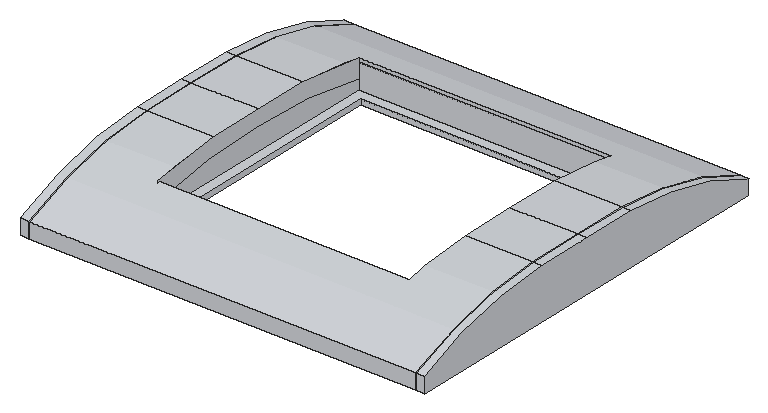
Revit family "Gira_100251", category Electrical Fixtures, host Face, Revit 2017
Family settings
  Host = Face
  Maintain Annotation Orientation = No
  Round Connector Dimension = Use Diameter
  Part Type = Normal
  Cut with Voids When Loaded = No
  Shared = No
  Room Calculation Point = No
Parameters (values of type "Cov.fr. 2-g w/o cb interm.fr. C Alu Gira Event Opaque mint")
  With mounting grid = "No"
  With hinged lid = "No"
  URL = "http://katalog.gira.de/en/datenblatt.html?artikelnr=100251"
  Type of fastening = "Clamp mounting"
  Transparent = "No"
  Surface protection = "Other"
  Suitable for wall duct = "No"
  Suitable for flush-mounted installation = "Yes"
  Suitable for floor box = "No"
  Suitable for built-in installation = "No"
  Number of units vertical = "2"
  Number of units horizontal = "2"
  Number of units = "2"
  Name = "Cov.fr. 2-g w/o cb interm.fr. C Alu Gira Event Opaque mint"
  Mounting direction = "Horizontal and vertical"
  Material quality = "Thermoplastic"
  Material = "Plastic"
  Manufacturer URL = "https://www.gira.de/"
  Manufacturer = "Gira"
  Label space/information surface = "No"
  Keynote = ""
  HeinzeBIM = "https://bimportal.heinze.de/bim/cov-fr-2-g-w-o-cb-interm-fr-c-alu-gira-event-opaque-mint/f8a78e6d4bc1d8f48a728df70d56978df138d0f4"
  Halogen free = "Yes"
  HAN = "100251"
  GTIN = "4010337002512"
  Description = "Cov.fr.2g w o cb i.fr.CAI EvOp MI,Gira Event Opaque frames,mint with colour aluminium intermediate frame,2-gang without crossbar,Features:,- Shatter-proof."
  Degree of protection (IP) = "IP20"
  Default Elevation = 1219.2 mm
  Data sheet (1) = "https://katalog.gira.de/en/download.html?artikelnr=100251"
  Colour = "Green"
  Category = "Cover frame for domestic switching devices"
  BIM (1) = "https://media.stage.bim.site/public/gira/36a6b08/Event_Rahmen_2fach o.Mittelsteg.rfa?public/gira/36a6b08/Event_Rahmen_2fach o.Mittelsteg.rfa"
  Available = "No"
Reference planes
  plane 1 "Center (Front/Back)": y = 0
  plane 2: z = 0
  plane 3 "Center (Left/Right)": x = 0
Forms (mm)
  Extrusion 1, solid, detail levels fine
    sketch origin (0, 0, 1.55) x (0, 1, 0) y (0, 0, 1)
      loop
        arc (12.445, 9.683) -> (6.223, 9.833) -> (0, 9.85) r 291.636
        arc (0, 9.85) -> (-6.223, 9.833) -> (-12.445, 9.683) r 291.636
        arc (-12.445, 9.683) -> (-29.14, 7.482) -> (-45, 1.823) r 79.728
        line (-45, 1.823) -> (-45, -1.55) -> (-41.777, -1.55) -> (-41.777, -0.55)
        arc (-41.777, -0.55) -> (-21.205, 4.846) -> (0, 6.467) r 118.15
        arc (0, 6.467) -> (21.205, 4.846) -> (41.777, -0.55) r 118.15
        line (41.777, -0.55) -> (41.777, -1.55) -> (45, -1.55) -> (45, 1.823)
        arc (45, 1.823) -> (29.14, 7.482) -> (12.445, 9.683) r 79.728
    from -43 to 43
  Extrusion 2, void, detail levels fine
    sketch origin (0, 0, 0) x (1, 0, 0) y (0, 1, 0)
      loop
        line (-28, -28) -> (28, -28) -> (28, 28) -> (-28, 28) -> (-28, -28)
    from 2.85 to 12
  Extrusion 3, solid, detail levels coarse
    sketch origin (0, 0, 0) x (1, 0, 0) y (0, 1, 0)
      loop
        line (-45, 45) -> (-45, -45) -> (45, -45) -> (45, 45) -> (-45, 45)
    from 0 to 11.4
  Extrusion 4, solid, detail levels medium
    sketch origin (0, 0, 1.55) x (0, 1, 0) y (0, 0, 1)
      loop
        arc (12.445, 9.683) -> (6.223, 9.833) -> (0, 9.85) r 291.636
        arc (0, 9.85) -> (-6.223, 9.833) -> (-12.445, 9.683) r 291.636
        arc (-12.445, 9.683) -> (-29.14, 7.482) -> (-45, 1.823) r 79.728
        line (-45, 1.823) -> (-45, -1.55) -> (45, -1.55) -> (45, 1.823)
        arc (45, 1.823) -> (29.14, 7.482) -> (12.445, 9.683) r 79.728
    from -45 to 45
  Extrusion 5, solid, detail levels fine
    sketch origin (0, 0, 0) x (0, 1, 0) y (0, 0, 1)
      loop
        arc (45, 3.373) -> (29.14, 9.032) -> (12.445, 11.233) r 79.728
        arc (12.445, 11.233) -> (6.223, 11.383) -> (0, 11.4) r 291.636
        arc (0, 11.4) -> (-6.223, 11.383) -> (-12.445, 11.233) r 291.636
        arc (-12.445, 11.233) -> (-29.14, 9.032) -> (-45, 3.373) r 79.728
        line (-45, 3.373) -> (-45, 0) -> (45, 0) -> (45, 3.373)
    from 43 to 45
  Extrusion 6, solid, detail levels fine
    sketch origin (0, 0, 0) x (0, 1, 0) y (0, 0, -1)
      loop
        line (45, -3.373) -> (45, 0) -> (-45, 0) -> (-45, -3.373)
        arc (-45, -3.373) -> (-29.14, -9.032) -> (-12.445, -11.233) r 79.728
        arc (-12.445, -11.233) -> (-6.223, -11.383) -> (0, -11.4) r 291.636
        arc (0, -11.4) -> (6.223, -11.383) -> (12.445, -11.233) r 291.636
        arc (12.445, -11.233) -> (29.14, -9.032) -> (45, -3.373) r 79.728
    from 43 to 45
  Extrusion 7, solid, detail levels fine
    sketch origin (0, 0, 0) x (1, 0, 0) y (0, 1, 0)
      loop
        line (-25.7, 25.7) -> (-25.7, -25.7) -> (25.7, -25.7) -> (25.7, 25.7) -> (-25.7, 25.7)
      loop
        line (-29.495, 27.895) -> (-29.495, -27.895)
        spline (-29.495, -27.895) -> (-29.486, -28.025) -> (-29.461, -28.154) -> (-29.419, -28.278) -> (-29.361, -28.395) -> (-29.288, -28.504) -> (-29.202, -28.602) -> (-29.104, -28.688) -> (-28.995, -28.761) -> (-28.878, -28.819) -> (-28.754, -28.861) -> (-28.625, -28.886) -> (-28.495, -28.895)
        line (-28.495, -28.895) -> (28.495, -28.895)
        spline (28.495, -28.895) -> (28.625, -28.886) -> (28.754, -28.861) -> (28.878, -28.819) -> (28.995, -28.761) -> (29.104, -28.688) -> (29.202, -28.602) -> (29.288, -28.504) -> (29.361, -28.395) -> (29.419, -28.278) -> (29.461, -28.154) -> (29.486, -28.025) -> (29.495, -27.895)
        line (29.495, -27.895) -> (29.495, 27.895)
        spline (29.495, 27.895) -> (29.486, 28.025) -> (29.461, 28.154) -> (29.419, 28.278) -> (29.361, 28.395) -> (29.288, 28.504) -> (29.202, 28.602) -> (29.104, 28.688) -> (28.995, 28.761) -> (28.878, 28.819) -> (28.754, 28.861) -> (28.625, 28.886) -> (28.495, 28.895)
        line (28.495, 28.895) -> (-28.495, 28.895)
        spline (-28.495, 28.895) -> (-28.625, 28.886) -> (-28.754, 28.861) -> (-28.878, 28.819) -> (-28.995, 28.761) -> (-29.104, 28.688) -> (-29.202, 28.602) -> (-29.288, 28.504) -> (-29.361, 28.395) -> (-29.419, 28.278) -> (-29.461, 28.154) -> (-29.486, 28.025) -> (-29.495, 27.895)
    from 1.673 to 8.5
Cuts and joins
  Extrusion 2 cuts Extrusion 1
  Extrusion 2 cuts Extrusion 7
Dimensions and locks
  aligned and locked: plane 2 to host face
  aligned and locked: level to host face
